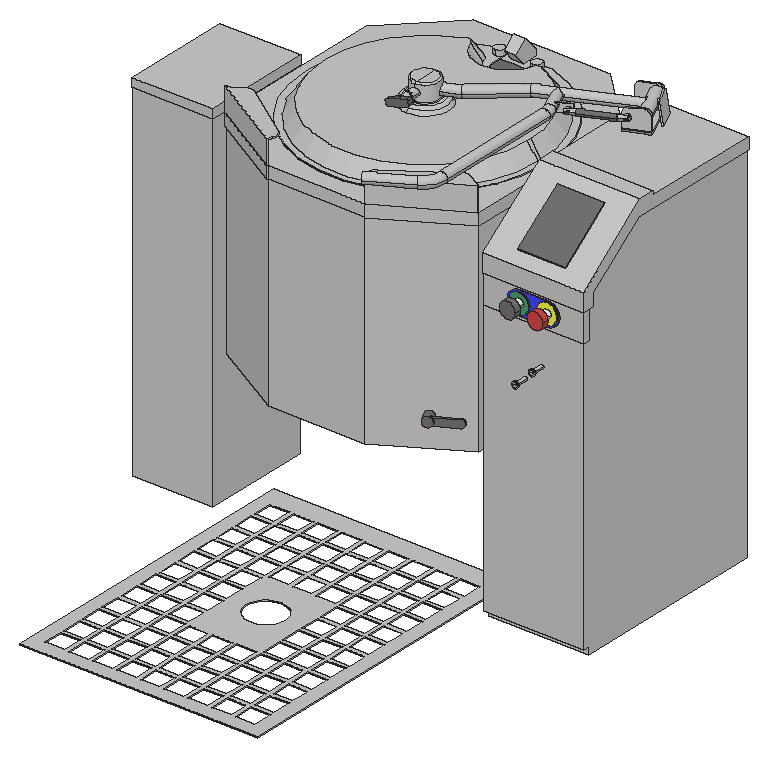
Revit family "QF_DIETATEC_C-CLASSIC_40_180516031749", category Specialty Equipment, Revit 2015 (continued)
Definition of nested family "QF_Dietatec_C-CLASSIC_40_FL"
  Lines and regions (mm)
    symbolic lines
      curve 236: line (383.5, -1064.5, 0) -> (383.5, -1114.5, 0)
      curve 237: line (433.5, -1064.5, 0) -> (383.5, -1064.5, 0)
      curve 238: line (433.5, -1114.5, 0) -> (433.5, -1064.5, 0)
      curve 239: line (443.5, -1114.5, 0) -> (493.5, -1114.5, 0)
      curve 240: line (443.5, -1064.5, 0) -> (443.5, -1114.5, 0)
      curve 241: line (493.5, -1064.5, 0) -> (443.5, -1064.5, 0)
      curve 242: line (493.5, -1114.5, 0) -> (493.5, -1064.5, 0)
      curve 243: line (503.5, -1114.5, 0) -> (553.5, -1114.5, 0)
      curve 244: line (503.5, -1064.5, 0) -> (503.5, -1114.5, 0)
      curve 245: line (553.5, -1064.5, 0) -> (503.5, -1064.5, 0)
      curve 246: line (553.5, -1114.5, 0) -> (553.5, -1064.5, 0)
      curve 247: line (563.5, -1114.5, 0) -> (613.5, -1114.5, 0)
      curve 248: line (563.5, -1064.5, 0) -> (563.5, -1114.5, 0)
      curve 249: line (613.5, -1064.5, 0) -> (563.5, -1064.5, 0)
      curve 250: line (613.5, -1114.5, 0) -> (613.5, -1064.5, 0)
      curve 251: line (83.5, -1054.5, 0) -> (133.5, -1054.5, 0)
      curve 252: line (83.5, -1004.5, 0) -> (83.5, -1054.5, 0)
      curve 253: line (133.5, -1004.5, 0) -> (83.5, -1004.5, 0)
      curve 254: line (133.5, -1054.5, 0) -> (133.5, -1004.5, 0)
      curve 255: line (143.5, -1054.5, 0) -> (193.5, -1054.5, 0)
      curve 256: line (143.5, -1004.5, 0) -> (143.5, -1054.5, 0)
      curve 257: line (193.5, -1004.5, 0) -> (143.5, -1004.5, 0)
      curve 258: line (193.5, -1054.5, 0) -> (193.5, -1004.5, 0)
      curve 259: line (203.5, -1054.5, 0) -> (253.5, -1054.5, 0)
      curve 260: line (203.5, -1004.5, 0) -> (203.5, -1054.5, 0)
      curve 261: line (253.5, -1004.5, 0) -> (203.5, -1004.5, 0)
      curve 262: line (253.5, -1054.5, 0) -> (253.5, -1004.5, 0)
      curve 263: line (263.5, -1054.5, 0) -> (313.5, -1054.5, 0)
      curve 264: line (263.5, -1004.5, 0) -> (263.5, -1054.5, 0)
      curve 265: line (313.5, -1004.5, 0) -> (263.5, -1004.5, 0)
      curve 266: line (313.5, -1054.5, 0) -> (313.5, -1004.5, 0)
      curve 267: line (323.5, -1054.5, 0) -> (373.5, -1054.5, 0)
      curve 268: line (323.5, -1004.5, 0) -> (323.5, -1054.5, 0)
      curve 269: line (373.5, -1004.5, 0) -> (323.5, -1004.5, 0)
      curve 270: line (373.5, -1054.5, 0) -> (373.5, -1004.5, 0)
      curve 271: line (383.5, -1054.5, 0) -> (433.5, -1054.5, 0)
      curve 272: line (383.5, -1004.5, 0) -> (383.5, -1054.5, 0)
      curve 273: line (433.5, -1004.5, 0) -> (383.5, -1004.5, 0)
      curve 274: line (433.5, -1054.5, 0) -> (433.5, -1004.5, 0)
      curve 275: line (443.5, -1054.5, 0) -> (493.5, -1054.5, 0)
      curve 276: line (443.5, -1004.5, 0) -> (443.5, -1054.5, 0)
      curve 277: line (493.5, -1004.5, 0) -> (443.5, -1004.5, 0)
      curve 278: line (493.5, -1054.5, 0) -> (493.5, -1004.5, 0)
      curve 279: line (503.5, -1054.5, 0) -> (553.5, -1054.5, 0)
      curve 280: line (503.5, -1004.5, 0) -> (503.5, -1054.5, 0)
      curve 281: line (553.5, -1004.5, 0) -> (503.5, -1004.5, 0)
      curve 282: line (553.5, -1054.5, 0) -> (553.5, -1004.5, 0)
      curve 283: line (563.5, -1054.5, 0) -> (613.5, -1054.5, 0)
      curve 284: line (563.5, -1004.5, 0) -> (563.5, -1054.5, 0)
      curve 285: line (613.5, -1004.5, 0) -> (563.5, -1004.5, 0)
      curve 286: line (613.5, -1054.5, 0) -> (613.5, -1004.5, 0)
      curve 287: line (83.5, -994.5, 0) -> (133.5, -994.5, 0)
      curve 288: line (83.5, -944.5, 0) -> (83.5, -994.5, 0)
      curve 289: line (133.5, -944.5, 0) -> (83.5, -944.5, 0)
      curve 290: line (133.5, -994.5, 0) -> (133.5, -944.5, 0)
      curve 291: line (143.5, -994.5, 0) -> (193.5, -994.5, 0)
      curve 292: line (143.5, -944.5, 0) -> (143.5, -994.5, 0)
      curve 293: line (193.5, -944.5, 0) -> (143.5, -944.5, 0)
      curve 294: line (193.5, -994.5, 0) -> (193.5, -944.5, 0)
      curve 295: line (203.5, -994.5, 0) -> (253.5, -994.5, 0)
      curve 296: line (203.5, -944.5, 0) -> (203.5, -994.5, 0)
      curve 297: line (253.5, -944.5, 0) -> (203.5, -944.5, 0)
      curve 298: line (253.5, -994.5, 0) -> (253.5, -944.5, 0)
      curve 299: line (443.5, -994.5, 0) -> (493.5, -994.5, 0)
      curve 300: line (443.5, -944.5, 0) -> (443.5, -994.5, 0)
      curve 301: line (493.5, -944.5, 0) -> (443.5, -944.5, 0)
      curve 302: line (493.5, -994.5, 0) -> (493.5, -944.5, 0)
      curve 303: line (503.5, -994.5, 0) -> (553.5, -994.5, 0)
      curve 304: line (503.5, -944.5, 0) -> (503.5, -994.5, 0)
      curve 305: line (553.5, -944.5, 0) -> (503.5, -944.5, 0)
      curve 306: line (553.5, -994.5, 0) -> (553.5, -944.5, 0)
      curve 307: line (563.5, -994.5, 0) -> (613.5, -994.5, 0)
      curve 308: line (563.5, -944.5, 0) -> (563.5, -994.5, 0)
      curve 309: line (613.5, -944.5, 0) -> (563.5, -944.5, 0)
      curve 310: line (613.5, -994.5, 0) -> (613.5, -944.5, 0)
      curve 311: line (83.5, -934.5, 0) -> (133.5, -934.5, 0)
      curve 312: line (83.5, -884.5, 0) -> (83.5, -934.5, 0)
      curve 313: line (133.5, -884.5, 0) -> (83.5, -884.5, 0)
      curve 314: line (133.5, -934.5, 0) -> (133.5, -884.5, 0)
      curve 315: line (143.5, -934.5, 0) -> (193.5, -934.5, 0)
      curve 316: line (143.5, -884.5, 0) -> (143.5, -934.5, 0)
      curve 317: line (193.5, -884.5, 0) -> (143.5, -884.5, 0)
      curve 318: line (193.5, -934.5, 0) -> (193.5, -884.5, 0)
      curve 319: line (203.5, -934.5, 0) -> (253.5, -934.5, 0)
      curve 320: line (203.5, -884.5, 0) -> (203.5, -934.5, 0)
      curve 321: line (253.5, -884.5, 0) -> (203.5, -884.5, 0)
      curve 322: line (253.5, -934.5, 0) -> (253.5, -884.5, 0)
      curve 323: line (443.5, -934.5, 0) -> (493.5, -934.5, 0)
      curve 324: line (443.5, -884.5, 0) -> (443.5, -934.5, 0)
      curve 325: line (493.5, -884.5, 0) -> (443.5, -884.5, 0)
      curve 326: line (493.5, -934.5, 0) -> (493.5, -884.5, 0)
      curve 327: line (503.5, -934.5, 0) -> (553.5, -934.5, 0)
      curve 328: line (503.5, -884.5, 0) -> (503.5, -934.5, 0)
      curve 329: line (553.5, -884.5, 0) -> (503.5, -884.5, 0)
      curve 330: line (553.5, -934.5, 0) -> (553.5, -884.5, 0)
      curve 331: line (563.5, -934.5, 0) -> (613.5, -934.5, 0)
      curve 332: line (563.5, -884.5, 0) -> (563.5, -934.5, 0)
      curve 333: line (613.5, -884.5, 0) -> (563.5, -884.5, 0)
      curve 334: line (613.5, -934.5, 0) -> (613.5, -884.5, 0)
      curve 335: line (83.5, -874.5, 0) -> (133.5, -874.5, 0)
      curve 336: line (83.5, -824.5, 0) -> (83.5, -874.5, 0)
      curve 337: line (133.5, -824.5, 0) -> (83.5, -824.5, 0)
      curve 338: line (133.5, -874.5, 0) -> (133.5, -824.5, 0)
      curve 339: line (143.5, -874.5, 0) -> (193.5, -874.5, 0)
      curve 340: line (143.5, -824.5, 0) -> (143.5, -874.5, 0)
      curve 341: line (193.5, -824.5, 0) -> (143.5, -824.5, 0)
      curve 342: line (193.5, -874.5, 0) -> (193.5, -824.5, 0)
      curve 343: line (203.5, -874.5, 0) -> (253.5, -874.5, 0)
      curve 344: line (203.5, -824.5, 0) -> (203.5, -874.5, 0)
      curve 345: line (253.5, -824.5, 0) -> (203.5, -824.5, 0)
      curve 346: line (253.5, -874.5, 0) -> (253.5, -824.5, 0)
      curve 347: line (443.5, -874.5, 0) -> (493.5, -874.5, 0)
      curve 348: line (443.5, -824.5, 0) -> (443.5, -874.5, 0)
      curve 349: line (493.5, -824.5, 0) -> (443.5, -824.5, 0)
      curve 350: line (493.5, -874.5, 0) -> (493.5, -824.5, 0)
      curve 351: line (503.5, -874.5, 0) -> (553.5, -874.5, 0)
      curve 352: line (503.5, -824.5, 0) -> (503.5, -874.5, 0)
      curve 353: line (553.5, -824.5, 0) -> (503.5, -824.5, 0)
      curve 354: line (553.5, -874.5, 0) -> (553.5, -824.5, 0)
      curve 355: line (563.5, -874.5, 0) -> (613.5, -874.5, 0)
      curve 356: line (563.5, -824.5, 0) -> (563.5, -874.5, 0)
      curve 357: line (613.5, -824.5, 0) -> (563.5, -824.5, 0)
      curve 358: line (613.5, -874.5, 0) -> (613.5, -824.5, 0)
      curve 359: line (83.5, -814.5, 0) -> (133.5, -814.5, 0)
      curve 360: line (83.5, -764.5, 0) -> (83.5, -814.5, 0)
      curve 361: line (133.5, -764.5, 0) -> (83.5, -764.5, 0)
      curve 362: line (133.5, -814.5, 0) -> (133.5, -764.5, 0)
      curve 363: line (143.5, -814.5, 0) -> (193.5, -814.5, 0)
      curve 364: line (143.5, -764.5, 0) -> (143.5, -814.5, 0)
      curve 365: line (193.5, -764.5, 0) -> (143.5, -764.5, 0)
      curve 366: line (193.5, -814.5, 0) -> (193.5, -764.5, 0)
      curve 367: line (203.5, -814.5, 0) -> (253.5, -814.5, 0)
      curve 368: line (203.5, -764.5, 0) -> (203.5, -814.5, 0)
      curve 369: line (253.5, -764.5, 0) -> (203.5, -764.5, 0)
      curve 370: line (253.5, -814.5, 0) -> (253.5, -764.5, 0)
      curve 371: line (443.5, -814.5, 0) -> (493.5, -814.5, 0)
      curve 372: line (443.5, -764.5, 0) -> (443.5, -814.5, 0)
      curve 373: line (493.5, -764.5, 0) -> (443.5, -764.5, 0)
      curve 374: line (493.5, -814.5, 0) -> (493.5, -764.5, 0)
      curve 375: line (503.5, -814.5, 0) -> (553.5, -814.5, 0)
      curve 376: line (503.5, -764.5, 0) -> (503.5, -814.5, 0)
      curve 377: line (553.5, -764.5, 0) -> (520.361, -764.5, 0)
      curve 378: line (553.5, -814.5, 0) -> (553.5, -764.5, 0)
      curve 379: line (563.5, -814.5, 0) -> (613.5, -814.5, 0)
      curve 380: line (563.5, -764.5, 0) -> (563.5, -814.5, 0)
      curve 381: line (613.5, -764.5, 0) -> (563.5, -764.5, 0)
      curve 382: line (613.5, -814.5, 0) -> (613.5, -764.5, 0)
      curve 383: line (83.5, -754.5, 0) -> (133.5, -754.5, 0)
      curve 384: line (83.5, -704.5, 0) -> (83.5, -754.5, 0)
      curve 385: line (133.5, -704.5, 0) -> (83.5, -704.5, 0)
      curve 386: line (133.5, -754.5, 0) -> (133.5, -704.5, 0)
      curve 387: line (143.5, -754.5, 0) -> (193.5, -754.5, 0)
      curve 388: line (143.5, -704.5, 0) -> (143.5, -754.5, 0)
      curve 389: line (193.5, -704.5, 0) -> (143.5, -704.5, 0)
      curve 390: line (193.5, -754.5, 0) -> (193.5, -704.5, 0)
      curve 391: line (203.5, -754.5, 0) -> (253.5, -754.5, 0)
      curve 392: line (203.5, -704.5, 0) -> (203.5, -754.5, 0)
      curve 393: line (211.034, -704.5, 0) -> (203.5, -704.5, 0)
      curve 394: line (253.5, -754.5, 0) -> (253.5, -710, 0)
      curve 395: line (263.5, -754.5, 0) -> (313.5, -754.5, 0)
      curve 396: line (263.5, -710, 0) -> (263.5, -754.5, 0)
      curve 397: line (313.5, -754.5, 0) -> (313.5, -710, 0)
      curve 398: line (323.5, -754.5, 0) -> (373.5, -754.5, 0)
      curve 399: line (323.5, -710, 0) -> (323.5, -754.5, 0)
      curve 400: line (373.5, -754.5, 0) -> (373.5, -710, 0)
      curve 401: line (383.5, -754.5, 0) -> (433.5, -754.5, 0)
      curve 402: line (383.5, -710, 0) -> (383.5, -754.5, 0)
      curve 403: line (433.5, -754.5, 0) -> (433.5, -710, 0)
      curve 404: line (443.5, -754.5, 0) -> (493.5, -754.5, 0)
      curve 405: line (443.5, -710, 0) -> (443.5, -754.5, 0)
      curve 406: line (493.5, -704.5, 0) -> (485.966, -704.5, 0)
      curve 407: line (493.5, -754.5, 0) -> (493.5, -704.5, 0)
      curve 408: line (537.681, -754.5, 0) -> (553.5, -754.5, 0)
      curve 409: line (503.5, -704.5, 0) -> (503.5, -745.367, 0)
      curve 410: line (553.5, -704.5, 0) -> (503.5, -704.5, 0)
      curve 411: line (553.5, -754.5, 0) -> (553.5, -745.367, 0)
      curve 412: line (563.5, -754.5, 0) -> (613.5, -754.5, 0)
      curve 413: line (563.5, -704.5, 0) -> (563.5, -710.726, 0)
      curve 414: line (574.284, -704.5, 0) -> (563.5, -704.5, 0)
      curve 415: line (613.5, -754.5, 0) -> (613.5, -710.225, 0)
      curve 416: line (83.5, -694.5, 0) -> (133.5, -694.5, 0)
      curve 417: line (83.5, -644.5, 0) -> (83.5, -694.5, 0)
      curve 418: line (107.111, -644.5, 0) -> (83.5, -644.5, 0)
      curve 419: line (133.5, -694.5, 0) -> (133.5, -659.736, 0)
      curve 420: line (143.5, -694.5, 0) -> (193.713, -694.5, 0)
      curve 421: line (143.5, -665.509, 0) -> (143.5, -694.5, 0)
      curve 422: line (503.287, -694.5, 0) -> (553.5, -694.5, 0)
      curve 423: line (553.5, -694.5, 0) -> (553.5, -665.509, 0)
      curve 424: line (563.5, -694.5, 0) -> (591.604, -694.5, 0)
      curve 425: line (563.5, -659.736, 0) -> (563.5, -694.5, 0)
      curve 426: line (613.5, -644.5, 0) -> (595.852, -644.5, 0)
      curve 427: line (1.5, -526, 0) -> (0, -526, 0)
      curve 428: line (1.5, -526, 0) -> (1.5, -519.5, 0)
      curve 429: line (1.5, -519.5, 0) -> (10, -519.5, 0)
      curve 430: line (10, -519.5, 0) -> (10, -520.45, 0)
      curve 431: line (10, -520.45, 0) -> (24.65, -520.45, 0)
      curve 432: line (24.65, -520.45, 0) -> (24.65, -521.381, 0)
      curve 433: arc (24.65, -521.381, 0) -> (25.866, -521.401, 0) -> (27, -521.838, 0) r 3.478
      curve 434: line (695.5, -426, 0) -> (697, -426, 0)
      curve 435: line (695.5, -426, 0) -> (695.5, -432.5, 0)
      curve 436: line (695.5, -432.5, 0) -> (687, -432.5, 0)
      curve 437: line (687, -432.5, 0) -> (687, -431.55, 0)
      curve 438: line (687, -431.55, 0) -> (672.35, -431.55, 0)
      curve 439: line (672.35, -431.55, 0) -> (672.35, -430.619, 0)
      curve 440: arc (672.35, -430.619, 0) -> (671.134, -430.599, 0) -> (670, -430.162, 0) r 3.478
      curve 441: line (687, -432.5, 0) -> (687, -519.5, 0)
      curve 442: line (695.5, -526, 0) -> (697, -526, 0)
      curve 443: line (695.5, -526, 0) -> (695.5, -519.5, 0)
      curve 444: line (695.5, -519.5, 0) -> (687, -519.5, 0)
      curve 445: line (687, -519.5, 0) -> (687, -520.45, 0)
      curve 446: line (687, -520.45, 0) -> (672.35, -520.45, 0)
      curve 447: line (672.35, -520.45, 0) -> (672.35, -521.381, 0)
      curve 448: arc (672.35, -521.381, 0) -> (671.134, -521.401, 0) -> (670, -521.838, 0) r 3.478
      curve 449: line (553.5, -716.5, 0) -> (553.5, -704.5, 0)
      curve 450: line (563.5, -739.594, 0) -> (563.5, -754.5, 0)
      curve 451: line (507.678, -764.5, 0) -> (503.5, -764.5, 0)
      curve 452: arc (613.294, -660.286, 0) -> (608.26, -679.072, 0) -> (594.508, -692.823, 0) r 37.57
      curve 453: arc (607.378, -714.261, 0) -> (630.043, -691.595, 0) -> (638.34, -660.633, 0) r 61.924
      curve 454: arc (638.34, -336.112, 0) -> (636.849, -322.498, 0) -> (632.446, -309.528, 0) r 62.903
      curve 455: arc (609.948, -320.436, 0) -> (612.447, -327.799, 0) -> (613.294, -335.528, 0) r 35.711
      curve 456: line (655.004, -281.002, 0) -> (625.549, -294.737, 0)
      curve 457: line (626.817, -297.456, 0) -> (656.272, -283.721, 0)
      curve 458: line (656.272, -283.721, 0) -> (655.004, -281.002, 0)
      curve 459: line (640.514, -276.449, 0) -> (644.139, -274.759, 0)
      curve 460: line (653.665, -288.089, 0) -> (644.602, -292.316, 0)
      curve 461: line (653.34, -305.494, 0) -> (658.144, -303.255, 0)
      curve 462: line (666.354, -282.765, 0) -> (672.693, -296.36, 0)
      curve 463: line (740.671, -248.111, 0) -> (747.01, -261.705, 0)
      curve 464: line (640.514, -276.449, 0) -> (640.03, -277.778, 0)
      curve 465: line (640.03, -277.778, 0) -> (643.939, -286.162, 0)
      curve 466: line (644.602, -292.316, 0) -> (643.394, -289.726, 0)
      curve 467: line (644.139, -274.759, 0) -> (645.468, -275.243, 0)
      curve 468: line (645.468, -275.243, 0) -> (649.377, -283.626, 0)
      curve 469: line (653.665, -288.089, 0) -> (652.458, -285.5, 0)
      curve 470: line (653.34, -305.494, 0) -> (652.03, -302.685, 0)
      curve 471: line (648.187, -294.547, 0) -> (646.412, -291.472, 0)
      curve 472: line (658.144, -303.255, 0) -> (656.834, -300.445, 0)
      curve 473: line (653.07, -292.27, 0) -> (651.855, -288.933, 0)
      curve 474: line (644.634, -296.204, 0) -> (667.622, -285.484, 0)
      curve 475: line (648.437, -304.36, 0) -> (671.425, -293.641, 0)
      curve 476: arc (644.634, -296.204, 0) -> (645.287, -300.864, 0) -> (648.437, -304.36, 0) r 8.039
      curve 477: line (666.354, -282.765, 0) -> (740.671, -248.111, 0)
      curve 478: line (672.693, -296.36, 0) -> (747.01, -261.705, 0)
      curve 479: line (764.924, -240.112, 0) -> (741.939, -250.829, 0)
      curve 480: line (768.727, -248.268, 0) -> (745.743, -258.986, 0)
      curve 481: arc (764.924, -240.112, 0) -> (768.071, -243.609, 0) -> (768.727, -248.268, 0) r 8.055
      curve 482: line (761.644, -254.992, 0) -> (766.448, -252.752, 0)
      curve 483: line (766.448, -252.752, 0) -> (765.138, -249.942, 0)
      curve 484: line (761.374, -241.767, 0) -> (760.159, -238.43, 0)
      curve 485: line (761.644, -254.992, 0) -> (760.334, -252.182, 0)
      curve 486: line (756.491, -244.044, 0) -> (754.716, -240.969, 0)
      curve 487: line (752.906, -241.813, 0) -> (761.969, -237.586, 0)
      curve 488: line (761.969, -237.586, 0) -> (760.656, -234.77, 0)
      curve 489: line (752.906, -241.813, 0) -> (751.593, -238.996, 0)
      curve 490: line (748.334, -227.276, 0) -> (748.818, -225.947, 0)
      curve 491: line (748.818, -225.947, 0) -> (752.443, -224.256, 0)
      curve 492: line (752.443, -224.256, 0) -> (753.772, -224.74, 0)
      curve 493: line (753.772, -224.74, 0) -> (757.153, -231.99, 0)
      curve 494: line (748.334, -227.276, 0) -> (751.715, -234.526, 0)
      curve 495: line (613.294, -651.772, 0) -> (603.362, -657.506, 0)
      curve 496: line (638.34, -643.085, 0) -> (648.5, -637.219, 0)
      curve 497: line (638.34, -616.527, 0) -> (648.5, -610.661, 0)
      curve 498: arc (638.34, -443.415, 0) -> (645.949, -405.039, 0) -> (648.5, -366, 0) r 300
      curve 499: arc (579.884, -244.312, 0) -> (524.124, -168.466, 0) -> (444.788, -117.796, 0) r 256.929
      curve 500: arc (620.853, -225.207, 0) -> (542.845, -122.461, 0) -> (428.9, -61.974, 0) r 300
      curve 501: line (727.182, -203.21, 0) -> (745.248, -241.955, 0)
      curve 502: arc (415.5, -60.145, 0) -> (422.262, -60.605, 0) -> (428.9, -61.974, 0) r 50
      curve 503: arc (406.018, -352.971, 0) -> (397.26, -399.174, 0) -> (357.5, -424.284, 0) r 58.975
      curve 504: arc (333.5, -88.405, 0) -> (323.7, -89.108, 0) -> (313.931, -90.158, 0) r 278
  Dimensions and locks
    plane 3 "Left" to plane 4 "Right" = 950.5 mm
    plane 5 "Front" to plane 1 "Back" = 770 mm
    Extrusion 41 to Extrusion 41 = 1153.5 mm
    aligned and locked: level to plane 2
  Connectors
    electrical at (803.5, -97.5, 120), driven by "Apparent Power", driven by "Volts", driven by "Number of Poles"
      settings: on Extrusion 44, index 4, voltage 230 V, apparent load 0 VA, apparent load phase1 500 VA, apparent load phase2 0 VA, apparent load phase3 0 VA, power factor 1, load classification none, number of poles 1, system type 31, power factor state 1, is connector primary yes, connector utility no, sub classification motor no, connector description "electrical connection"
    piping at (873.5, -97.5, 120), diameter 12.7, driven by "Cold Water Size", driven by "Cold Water Flow"
      settings: on Extrusion 43, index 5, connector inside diameter 609.6 mm, connector length 0 mm, flow factor 0, pipe flow 0.0 L/s, pressure drop 0.0 Pa, fitting loss kfactor 0, connector angle 0.00°, fixture units 0, engagement length 0 mm, angle of deflection 0.00°, flow configuration 1, flow direction 1, fitting loss method 0, system type 20, joint type 0, gender type 0, connector reference index -1, connector utility 0, adjustable connector no, is connector primary yes, connector description "water inlet"
Definition of nested family "QF_Dietatec_KETTLE_LEFT_LEG"
  Parameters (values of type "KETTLE_LEFT_LEG")
    Width [instance] = 0 mm
    Weight in Pounds = 0
    URL Cutsheet = "www.dietatec.com"
    URL = "www.dietatec.com"
    Status [instance] = ""
    Specification by User [instance] = ""
    Specification by Manufacturer = ""
    Show Logo [instance] = yes
    Show Clearance [instance] = yes
    Serial Number = ""
    Seismic Rating = ""
    SMACNA No = ""
    Revision Code [instance] = ""
    NAFEM Spec ID Number = ""
    Model = "KETTLE_LEFT_LEG"
    Masterspec = ""
    Manufacturer = "DIETATEC"
    ListPrice [instance] = 0
    Item Number [instance] = ""
    Installed By [instance] = ""
    Identify Quantity as Lot [instance] = no
    Height [instance] = 0 mm
    Furnished By [instance] = ""
    Foodservice Equipment Identifier [instance] = yes
    Description = "LEFT LEG OF C-CLASSIC AND CELER MODELS"
    Depth [instance] = 0 mm
    CSI MasterFormat = ""
    Assembly Code = "E1090320"
  Reference planes
    plane 1 "Back": y = 0
    plane 2: z = 0
    plane 3 "Left": x = 0
    plane 4 "Right": x = 1153.5
    plane 5 "Front": y = -770
    plane 6 "Top": z = 1000
  Forms (mm)
    Extrusion 1, solid
      sketch origin (-203, 0, 0) x (1, 0, 0) y (0, 1, 0)
        loop
          line (201.5, -326) -> (1.5, -326) -> (1.5, -601) -> (201.5, -601) -> (201.5, -326)
      from 0 to 880
    Extrusion 2, solid
      sketch origin (-1081.5, -472.5, -153) x (1, 0, 0) y (0, 0, 1)
        loop
          circle (930, 278) r 15
      from -150 to -146.5
    Extrusion 3, solid
      sketch origin (-981.5, -472.5, -153) x (1, 0, 0) y (0, 0, 1)
        loop
          circle (930, 278) r 15
      from -150 to -146.5
    Extrusion 4, solid
      sketch origin (-203, 0, 880) x (1, 0, 0) y (0, 1, 0)
        loop
          line (203, -324.5) -> (0, -324.5) -> (0, -602.5) -> (203, -602.5) -> (203, -324.5)
      from 0 to 21
  Lines and regions (mm)
    symbolic lines
      curve 1: line (0, -324.5, 0) -> (-203, -324.5, 0)
      curve 2: line (0, -602.5, 0) -> (0, -324.5, 0)
      curve 3: line (-203, -602.5, 0) -> (0, -602.5, 0)
      curve 4: line (-203, -324.5, 0) -> (-203, -602.5, 0)
  Dimensions and locks
    plane 3 "Left" to plane 4 "Right" = 1153.5 mm
    plane 5 "Front" to plane 1 "Back" = 770 mm
    aligned and locked: level to plane 2
